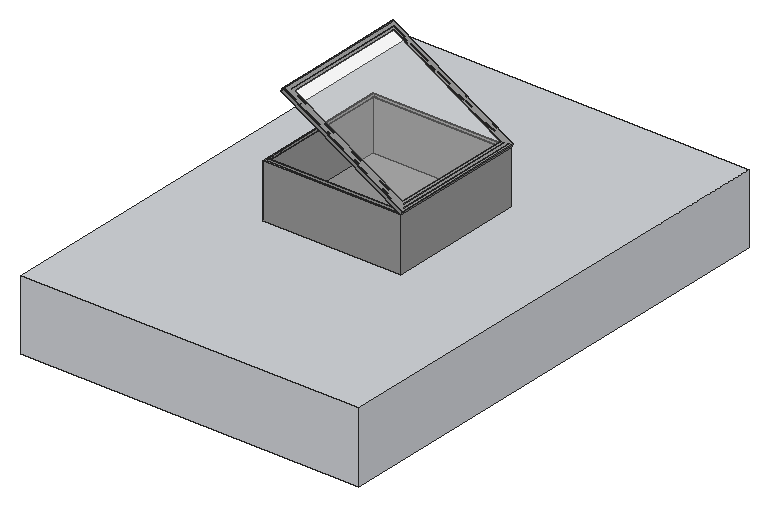
Revit family "Hager-Orion_Inox-IP66-D250-Cl.I-Inox_encl-630A-600mm-CH-it", category Equipement électrique, Revit 2020
Family settings
  Hôte = Face
  Configuration du panneau = Deux colonnes, circuits au sein
  Cote de connecteur circulaire = Utiliser le diamètre
  Type d'élément = Tableau de raccordement
  Couper avec des vides une fois chargée = Non
  Partagée = Non
  Point de calcul de pièce = Non
Parameters (values of type "A parete IP66 L600 A600 P250  - FL029TWL")
  Width Control [instance] = if([EF000008 - Larghezza] > Min Width, [EF000008 - Larghezza], Min Width)  # 600 mm
  Commentaires du type = [HG000003 - Gamma]  # "Orion Inox"
  Thickness Door [instance] = if([EF009171 - spessore materiale porta/coperchio] > 3 mm, 3 mm, [EF009171 - spessore materiale porta/coperchio])  # 1.5 mm
  Seal Frame Offset [instance] = 17 mm  # constant formula
  Model = ""
  Min Width [instance] = 100 mm  # constant formula
  Min Height [instance] = 100 mm  # constant formula
  Min Depth [instance] = (2 * [EF009170 - spessore materiale scatola]) + 1 mm  # 4 mm
  Internal Frame Depth [instance] = (Door System Depth * 0.5)  # 9 mm
  Height Control [instance] = if([EF000040 - Altezza] > Min Height, [EF000040 - Altezza], Min Height)  # 600 mm
  HG000027 - Altezza dello zoccolo = 0 mm
  HG000026 - A pavimento = no
  HG000024 - Altezza della sezione inferiore = 800 mm
  HG000023 - Custodia a doppia sezione = no
  HG000016 - Visibilità delle porte nella vista 3D [instance] = yes
  HG000015 - Visibilità attraverso la porta [instance] = no
  HG000014 - Porta destra [instance] = yes
  HG000013 - Porta sinistra [instance] = not([HG000014 - Porta destra])  # no
  HG000012 - Angolo di apertura della porta [instance] = 30.00°
  HG000010 - Porte asimmetriche = no
  HG000009 - Porta doppia a battente = no
  HG000006 - Ad incasso = no
  HG000004 - Codice produttore = "FL029TWL"
  HG000003 - Gamma = "Orion Inox"
  HG000002 - Con porta = yes
  Frame Offset Bottom [instance] = 10 mm  # constant formula
  Frame Offset [instance] = 15 mm  # constant formula
  EF015940 - Coprire con rilascio di sovrapressione = no
  EF011959 - tipo di protezione (NEMA) = ""
  EF009554 - numero delle aperture per la piastra della flangia = 0
  Fabricant = "Hager"  # constant formula
  EF009212 - esecuzione coperchio = "EV000116 - chiuso"
  EF009171 - spessore materiale porta/coperchio = 1.5 mm
  EF009170 - spessore materiale scatola = 1.5 mm
  EF008873 - corrente nominale (In) = 630 A
  EF007800 - adatto per parafulmine = no
  EF006306 - con serratura = yes
  EF006244 - coperchio/porta trasparente = yes
  EF005474 - grado di protezione (IP) = "EV006422 - IP66"
  EF004464 - tipo di porta = "EV002646 - singolo"
  EF004427 - numero di moduli = 0
  EF004293 - resistenza agli urti = "EV006814 - IK08"
  EF003532 - adatto per uso esterno = yes
  EF002950 - Numero moduli DIN = 0
  EF001613 - Integrità del circuito = "EV000494 - senza"
  EF001596 - Attacco Lampada = "EV000166 - acciaio inossidabile"
  EF001131 - profondità interna = 216 mm
  EF001088 - possibilità di applicazione = yes
  EF000437 - numero di ingressi per conduttori = 0
  EF000339 - tipo di copertura = "EV004216 - porta"
  EF000266 - numero di file = 0
  EF000218 - profondità di incasso = 0 mm
  EF000118 - con piastra di montaggio = no
  EF000116 - numero RAL = ""
  EF000049 - profondità = 250 mm
  EF000040 - Altezza = 600 mm
  EF000008 - Larghezza = 600 mm
  EF000007 - colore = "EV000154 - altri"
  EF000003 - Tipo di montaggio = "EV000384 - A parete"
  Door System Leaf Tolerance [instance] = 1.5 mm  # constant formula
  Door System Depth [instance] = 18 mm  # constant formula
  Depth Control [instance] = if([EF000049 - profondità] > Min Depth, [EF000049 - profondità], Min Depth)  # 250 mm
  Default Elevation = 0 mm
Types (4, lengths in mm): name | Width Control | HG000004 - Codice produttore | EF009212 - esecuzione coperchio | EF006306 - con serratura | EF006244 - coperchio/porta trasparente | EF004293 - resistenza agli urti | EF001613 - Integrità del circuito | EF000008 - Larghezza
  A parete IP66 L400 A600 P250  - FL029BW | 400 | "FL029BW" | "EV009916 - con taglio" | no | no | "EV008784 - IK10" | "" | 400
  A parete IP66 L600 A600 P250  - FL029BWL | 600 | "FL029BWL" | "EV009916 - con taglio" | no | no | "EV008784 - IK10" | "" | 600
  A parete IP66 L600 A600 P250  - FL029TW | 600 | "FL029TW" | "EV000116 - chiuso" | yes | yes | "EV006814 - IK08" | "EV000494 - senza" | 600
  A parete IP66 L600 A600 P250  - FL029TWL | 600 | "FL029TWL" | "EV000116 - chiuso" | yes | yes | "EV006814 - IK08" | "EV000494 - senza" | 600
Reference planes
  plane 1 "Center (Front/Back)": y = 0
  plane 2: z = 0
  plane 3 "Center (Left/Right)": x = 0
  plane 4: z = 250
  plane 5: y = 1.5
  plane 6: y = 300
  plane 7: y = 0
  plane 8: y = 600
  plane 9: z = 0
  plane 10: x = -285
  plane 11: x = 285
  plane 12: x = 283.5
  plane 13: x = -283.5
  plane 14: y = 598.5
  plane 15: x = -283
  plane 16: x = -300
  plane 17: x = 283
  plane 18: x = 300
  plane 19: x = 298.5
  plane 20: x = -298.5
  plane 21: y = 11.5
  plane 22: y = 600
  plane 23: y = 583.5
  plane 24: z = 232
  plane 25: z = 1.5
  plane 26: z = 230.5
  plane 27: z = 248.5
Forms (mm)
  Extrusion 1, solid
    sketch origin (0, 0, 0) x (1, 0, 0) y (0, 1, 0)
      loop
        line (-702.964, 1305) -> (-702.964, -811.445) -> (766.763, -811.445) -> (766.763, 1305) -> (-702.964, 1305)
    from 0 to -304.8
  Extrusion 2, solid, material "Hager_Stainless_Steel", detail levels medium+fine
    sketch origin (0, 0, 0) x (1, 0, 0) y (0, 1, 0)
      loop
        line (-300, 0) -> (300, 0) -> (300, 600) -> (-300, 600) -> (-300, 0)
    from 0 to 232
  Extrusion 3, solid, material "Hager_Steel_RAL 7035_Light_Grey", not visible, detail levels medium+fine
    sketch origin (0, 28.16, 50.802) x (0, 1, 0) y (0, 0, 1)
      loop
        line (323.34, -50.802) -> (323.34, 187.698)
        arc (323.34, 187.698) -> (320.411, 194.769) -> (313.34, 197.698) r 10
        line (313.34, 197.698) -> (283.34, 197.698) -> (283.34, -50.802) -> (323.34, -50.802)
    from -298.5 to 298.5
  Extrusion 4, void
    sketch origin (0, 0, 0) x (1, 0, 0) y (0, 1, 0)
      loop
        line (-298.5, 1.5) -> (298.5, 1.5) -> (298.5, 598.5) -> (-298.5, 598.5) -> (-298.5, 1.5)
    from 1.5 to 230.5
  Extrusion 5, void
    sketch origin (-381.607, -4572, 232) x (0, -1, 0) y (-1, 0, 0)
      loop
        line (-4583.5, -98.107) -> (-5155.5, -98.107) -> (-5155.5, -665.107) -> (-4583.5, -665.107) -> (-4583.5, -98.107)
    from 0 to 1.5 <- "EF009170 - spessore materiale scatola"
  Extrusion 6, solid, material "Hager_Stainless_Steel", detail levels fine
    sketch origin (-381.607, -4572, 232) x (-1, 0, 0) y (0, -1, 0)
      loop
        line (-98.107, -4583.5) -> (-665.107, -4583.5) -> (-665.107, -5155.5) -> (-98.107, -5155.5) -> (-98.107, -4583.5)
      loop
        line (-97.107, -4582) -> (-666.107, -4582) -> (-666.107, -5157) -> (-97.107, -5157) -> (-97.107, -4582)
    from 0 to 9 <- "Internal Frame Depth"
  Extrusion 7, solid, material "Hager_Stainless_Steel", detail levels coarse
    sketch origin (0, 0, 0) x (1, 0, 0) y (0, 1, 0)
      loop
        line (-300, 0) -> (300, 0) -> (300, 600) -> (-300, 600) -> (-300, 0)
    from 0 to 250
Cuts and joins
  Extrusion 4, Extrusion 5 cuts Extrusion 2
Lines and regions (mm)
  Masking region 1
    outline origin (0, 0, 0) x (1, 0, 0) y (0, 0, 1)
      loop
        line (-300, 250) -> (-300, 0) -> (300, 0) -> (300, 250) -> (-300, 250)
  Masking region 2, detail levels medium+fine
    outline origin (0, 140, 0) x (0, 1, 0) y (0, 0, 1)
      loop
        line (-140, 0) -> (460, 0) -> (460, 232) -> (-140, 232) -> (-140, 0)
  Masking region 3, not visible, detail levels medium+fine
    outline origin (0, 297.922, 0) x (0, 1, 0) y (0, 0, 1)
      loop
        line (13.578, 0) -> (53.578, 0) -> (53.578, 238.5)
        arc (53.578, 238.5) -> (50.649, 245.571) -> (43.578, 248.5) r 10
        line (43.578, 248.5) -> (13.578, 248.5) -> (13.578, 0)
  Masking region 4, detail levels coarse
    outline origin (0, 0, 180) x (0, 1, 0) y (0, 0, 1)
      loop
        line (0, -180) -> (600, -180) -> (600, 70) -> (0, 70) -> (0, -180)
  Masking region 5
    outline origin (-381.607, -4572, 232) x (-1, 0, 0) y (0, -1, 0)
      loop
        line (-81.607, -5172) -> (-81.607, -4572) -> (-681.607, -4572) -> (-681.607, -5172) -> (-81.607, -5172)
Dimensions and locks
  "Depth Control": plane 4 to Extrusion 1
  "EF009170 - spessore materiale scatola": plane 5 to plane 7
  locked: connector elem to plane 3 "Center (Left/Right)"
  equal spacing: plane 8, plane 6, plane 7
  locked: connector elem to plane 6
  "EF009170 - spessore materiale scatola": plane 8 to plane 14
  "EF009170 - spessore materiale scatola": plane 10 to plane 13
  "EF009170 - spessore materiale scatola": plane 12 to plane 11
  "Frame Offset": plane 20 to plane 13
  "Frame Offset": plane 12 to plane 19
  "EF009170 - spessore materiale scatola": plane 16 to plane 20
  "EF009170 - spessore materiale scatola": plane 19 to plane 18
  "Seal Frame Offset": plane 16 to plane 15
  "Seal Frame Offset": plane 17 to plane 18
  "Frame Offset Bottom": plane 21 to plane 5
  "Frame Offset": plane 14 to plane 23
  equal spacing: plane 16, plane 3 "Center (Left/Right)", plane 18
  "Width Control": plane 16 to plane 18
  "EF009170 - spessore materiale scatola": plane 4 to plane 27
  "EF009170 - spessore materiale scatola": plane 24 to plane 26
  "EF009170 - spessore materiale scatola": plane 25 to level
  "Door System Depth": plane 4 to plane 24
  "Height Control": plane 1 "Center (Front/Back)" to Extrusion 7 sketch curve
  "Height Control": Masking region 4 sketch curve to plane 1 "Center (Front/Back)"
  "Thickness Door": Extrusion 6 sketch curve to plane 15
  "Thickness Door": plane 21 to Extrusion 6 sketch curve
  "Thickness Door": plane 17 to Extrusion 6 sketch curve
  "Thickness Door": Extrusion 6 sketch curve to plane 23
  "Height Control": plane 1 "Center (Front/Back)" to plane 22
  radius of Masking region 3 sketch curve = 10 mm
  radius of Extrusion 3 sketch curve = 10 mm
  aligned and locked: plane 2 to Extrusion 1
  aligned and locked: level to Extrusion 1
  aligned and locked: level to Masking region 1 sketch curve
  aligned and locked: Masking region 1 sketch curve to plane 18
  aligned and locked: Masking region 1 sketch curve to plane 16
  aligned and locked: plane 7 to Masking region 2 sketch curve
  aligned and locked: level to Masking region 3 sketch curve
  aligned and locked: Masking region 3 sketch curve to plane 27
  aligned and locked: level to Masking region 2 sketch curve
  aligned and locked: Extrusion 2 sketch curve to plane 7
  aligned and locked: plane 16 to Extrusion 2 sketch curve
  aligned and locked: plane 18 to Extrusion 2 sketch curve
  aligned and locked: Extrusion 3 sketch curve to level
  aligned and locked: plane 27 to Extrusion 3 sketch curve
  aligned and locked: plane 20 to Extrusion 3
  aligned and locked: plane 19 to Extrusion 3
  aligned and locked: plane 20 to Extrusion 4 sketch curve
  aligned and locked: plane 19 to Extrusion 4 sketch curve
  aligned and locked: Extrusion 4 sketch curve to plane 5
  aligned and locked: Extrusion 4 to plane 25
  aligned and locked: plane 26 to Extrusion 4
  aligned and locked: plane 24 to Extrusion 2
  aligned and locked: Extrusion 5 sketch curve to plane 21
  aligned and locked: Extrusion 5 sketch curve to plane 13
  aligned and locked: Extrusion 5 sketch curve to plane 12
  aligned and locked: plane 18 to Extrusion 7 sketch curve
  aligned and locked: plane 1 "Center (Front/Back)" to Extrusion 7 sketch curve
  aligned and locked: plane 16 to Extrusion 7 sketch curve
  aligned and locked: plane 4 to Extrusion 7
  aligned and locked: Extrusion 7 to level
  aligned and locked: level to Masking region 4 sketch curve
  aligned and locked: Masking region 4 sketch curve to plane 1 "Center (Front/Back)"
  aligned and locked: Masking region 4 sketch curve to plane 4
  aligned and locked: nested 1 to level
  aligned and locked: nested 1 to plane 16
  aligned and locked: plane 8 to Extrusion 2 sketch curve
  aligned and locked: plane 23 to Extrusion 5 sketch curve
  aligned and locked: plane 14 to Extrusion 4 sketch curve
  aligned and locked: Extrusion 6 sketch curve to plane 21
  aligned and locked: plane 13 to Extrusion 6 sketch curve
  aligned and locked: plane 23 to Extrusion 6 sketch curve
  aligned and locked: plane 12 to Extrusion 6 sketch curve
  aligned and locked: Masking region 2 sketch curve to plane 8
  aligned and locked: Masking region 2 sketch curve to plane 24
  aligned and locked: nested 2 to plane 3 "Center (Left/Right)"
  aligned and locked: nested 2 to plane 24
  aligned and locked: Masking region 5 sketch curve to plane 1 "Center (Front/Back)"
  aligned and locked: Masking region 5 sketch curve to plane 18
  aligned and locked: Masking region 5 sketch curve to plane 22
  aligned and locked: Masking region 5 sketch curve to plane 16
  aligned and locked: plane 8 to plane 22
  aligned and locked: plane 7 to plane 1 "Center (Front/Back)"
  aligned and locked: nested 2 to plane 1 "Center (Front/Back)"
Automatic sketch dimensions
  Extrusion 1 sketch curve to Extrusion 1 sketch curve = 1469.727 mm
  Extrusion 1 sketch curve to Extrusion 1 sketch curve = 2116.445 mm
  plane 6 to Masking region 3 sketch curve = 11.5 mm
  Masking region 3 sketch curve to Masking region 3 sketch curve = 30 mm
  plane 6 to Extrusion 3 sketch curve = 11.5 mm
  Extrusion 3 sketch curve to Extrusion 3 sketch curve = 30 mm
  Masking region 1 sketch curve to plane 4 = 0 mm
Nested families
  nested 1: "Hager_Enclosure_Symbol" at (-300, 0, 0) x (1, 0, 0) z (0, -1, 0), Height <- "Depth Control", Width <- "Width Control", type "Hager_Enclosure_Symbol"
    with Width_Ctrl 600 mm, Width 600 mm, Height_Ctrl 250 mm, Height 250 mm, A_Width_Int 16.406 mm, A_Width 196.875 mm, A_Height_Ctrl 218.75 mm, A_Height 218.75 mm
  nested 2: "EC000058_OrionInox_Door" at (0, 600, 232) x (1, 0, 0) z (0, -1, 0), Leaf_Tolerance <- "Door System Leaf Tolerance", Angle <- "HG000012 - Angolo di apertura della porta", Door_Depth <- "Door System Depth", Door_Left <- "HG000013 - Porta sinistra", Transparent <- "EF006244 - coperchio/porta trasparente", Assymetrical <- "HG000010 - Porte asimmetriche", Width <- "Width Control", Clearance <- "HG000015 - Visibilità attraverso la porta", Double <- "HG000009 - Porta doppia a battente", 3d_Door <- "HG000016 - Visibilità delle porte nella vista 3D", Width_Ctrl <- "Width Control", Door_Right <- "HG000014 - Porta destra", Door <- "HG000002 - Con porta", Height <- "Height Control", Thickness <- "Thickness Door", type "EC000058_OrionInox_Door", detail levels medium+fine
    with min_wh 4 mm, Width_Ctrl 600 mm, Width 600 mm, Transparent yes, Thickness 1.5 mm, Seal_Material Hager_Rubber, Leaf_Width 600 mm, Leaf_Tolerance_External_Sides 0 mm, Leaf_Tolerance 1.5 mm, Leaf_Offset 0 mm, Leaf_Height 597 mm, Leaf_2_Width 600 mm, Leaf_2_Offset 300 mm, Leaf_1_Width 600 mm, Leaf_1_Offset 300 mm, Height_Ctrl 600 mm, Height 600 mm, Glass_Material Hager_Glass, Double_Clearance_Ctrl no, Double no, Door_Right_Ctrl yes, Door_Right yes, Door_Material Hager_Stainless_Steel, Door_Left_Ctrl no, Door_Left no, Door_Depth 18 mm, Door yes, Clearance_Material Hager_Clearance, Clearance_Depth 600 mm, Clearance_Ctrl no, Clearance no, Assymetrical no, Angle 30.00°, 3d_Door yes
Connectors
  electrical at (0, 300, 0)
    settings: on plane 9, index 1, voltage 0 V, apparent load 0 VA, apparent load phase1 0 VA, apparent load phase2 0 VA, apparent load phase3 0 VA, power factor 1, load classification "Other", number of poles 1, system type 30, power factor state 1, is connector primary yes, connector utility no, sub classification motor no, connector description ""
Definition of nested family "EC000058_OrionInox_Door"
  Parameters (values of type "EC000058_OrionInox_Door")
    min_wh [instance] = (2 * Thickness) + 1 mm  # 11 mm
    Width_Ctrl [instance] = 400 mm
    Width [instance] = 500 mm
    Transparent [instance] = yes
    Thickness [instance] = 5 mm
    Seal_Material [instance] = none
    Leaf_Width [instance] = if((Width_Ctrl - 2 * Leaf_Tolerance_External_Sides) > 0 mm, (Width_Ctrl - 2 * Leaf_Tolerance_External_Sides), min_wh)  # 400 mm
    Leaf_Tolerance_External_Sides [instance] = 0 mm  # constant formula
    Leaf_Tolerance [instance] = 1.5 mm
    Leaf_Offset [instance] = 0 mm  # constant formula
    Leaf_Height [instance] = if((Height_Ctrl - 2 * Leaf_Tolerance) > 0 mm, (Height_Ctrl - 2 * Leaf_Tolerance), min_wh)  # 497 mm
    Leaf_2_Width [instance] = if(and(and(Double, Assymetrical), Door_Left), (Leaf_Width / 3) - (Leaf_Tolerance / 2), if(and(and(Double, Assymetrical), Door_Right), (Leaf_Width / 3) * 2 - (Leaf_Tolerance / 2), if(and(Double, not(Assymetrical)), (Leaf_Width / 2) - Leaf_Tolerance, Leaf_Width)))  # 400 mm
    Leaf_2_Offset [instance] = if(and(Double, Assymetrical), Leaf_2_Width / 2, if(and(Double, not(Assymetrical)), Leaf_Width / 4, Leaf_Width / 2))  # 200 mm
    Leaf_1_Width [instance] = if(and(and(Double, Assymetrical), Door_Right), (Leaf_Width / 3) - (Leaf_Tolerance / 2), if(and(and(Double, Assymetrical), Door_Left), (Width / 3) * 2 - (Leaf_Tolerance / 2), if(and(Double, not(Assymetrical)), (Leaf_Width / 2) - Leaf_Tolerance, Leaf_Width)))  # 400 mm
    Leaf_1_Offset [instance] = if(and(Double, Assymetrical), Leaf_1_Width / 2, if(and(Double, not(Assymetrical)), Leaf_Width / 4, Leaf_Width / 2))  # 200 mm
    Height_Ctrl [instance] = if(Height > min_wh, Height, min_wh)  # 500 mm
    Height [instance] = 500 mm
    Glass_Material [instance] = none
    Double_Clearance_Ctrl [instance] = and(Double, Clearance)  # no
    Double [instance] = no
    Door_Right_Ctrl [instance] = and(or(Door_Right, Double), Door)  # yes
    Door_Right [instance] = yes
    Door_Material [instance] = none
    Door_Left_Ctrl [instance] = and(or(Door_Left, Double), Door)  # no
    Door_Left [instance] = no
    Door_Depth [instance] = 30 mm
    Door [instance] = yes
    Default Elevation = 1219.2 mm
    Clearance_Material [instance] = none
    Clearance_Depth [instance] = if(Leaf_1_Width > Leaf_2_Width, Leaf_1_Width, Leaf_2_Width)  # 400 mm
    Clearance_Ctrl [instance] = and(not(Double), Clearance)  # yes
    Clearance [instance] = yes
    Assymetrical [instance] = yes
    Angle [instance] = 30.00°
    3d_Door [instance] = yes
  Reference planes
    plane 1 "Center (Front/Back)": y = 0
    plane 2 "Bottom": z = 0
    plane 3 "Center (Left/Right)": x = 0
    plane 4: z = 500
    plane 5: x = -200
    plane 6: x = 200
    plane 7: z = 500
    plane 8: x = -200
    plane 9: z = 0
    plane 10: x = 200
    plane 11: y = 0
    plane 12: z = 1.5
    plane 13: x = -600
    plane 14: y = -400
    plane 15: x = 600
    plane 16: x = 0
    plane 17: x = 0
    plane 18: x = -200
    plane 19: x = 200
    plane 20: z = 498.5
  Forms (mm)
    Extrusion 1, solid, material <- "Clearance_Material", visible <- "Double_Clearance_Ctrl"
      sketch origin (1200, 0, 0) x (1, 0, 0) y (0, 0, -1)
        loop
          line (-1800, -498.5) -> (-600, -498.5) -> (-600, 0) -> (-1800, 0) -> (-1800, -498.5)
      from 0 to -400
  Dimensions and locks
    equal spacing: plane 5, plane 3 "Center (Left/Right)", plane 6
    "Width_Ctrl": plane 5 to plane 6
    "Leaf_Offset": plane 5 to plane 8
    "Leaf_Offset": plane 6 to plane 10
    "Leaf_Offset": plane 9 to level
    "Leaf_Offset": plane 4 to plane 7
    "Height_Ctrl": plane 4 to level
    "Leaf_Tolerance": plane 12 to plane 9
    locked: plane 11 to plane 1 "Center (Front/Back)"
    "Leaf_1_Offset": plane 18 to plane 16
    "Leaf_2_Offset": plane 17 to plane 19
    "Leaf_1_Width": plane 13 to plane 8
    "Leaf_2_Width": plane 10 to plane 15
    "Clearance_Depth": plane 14 to plane 1 "Center (Front/Back)"
    "Leaf_Tolerance_External_Sides": plane 8 to plane 18
    "Leaf_Tolerance_External_Sides": plane 19 to plane 10
    "Leaf_Tolerance": plane 7 to plane 20
    aligned and locked: level to plane 2 "Bottom"
    aligned and locked: nested 1 to plane 16
    aligned and locked: nested 2 to plane 17
    aligned and locked: Extrusion 1 to plane 13
    aligned and locked: plane 15 to Extrusion 1
    aligned and locked: Extrusion 1 to plane 14
    aligned and locked: plane 12 to nested 1
    aligned and locked: nested 2 to plane 12
    aligned and locked: Extrusion 1 to plane 11
    aligned and locked: plane 20 to Extrusion 1
    aligned and locked: nested 2 to plane 11
    aligned and locked: nested 1 to plane 11
  Automatic sketch dimensions
    Extrusion 1 sketch curve to level = 0 mm
    plane 5 to Extrusion 1 sketch curve = 400 mm
    plane 6 to Extrusion 1 sketch curve = 400 mm
    Extrusion 1 sketch curve to plane 4 = 1.5 mm
  Nested families
    nested 1: "EC000058_OrionInox_Door_Leaf" at (0, 0, 1.5), Width <- "Leaf_1_Width", visible <- "Door_Left_Ctrl", Leaf_Height <- "Leaf_Height", Angle <- "Angle", 3d_Door <- "3d_Door", Transparent <- "Transparent", Clearance Material <- "Clearance_Material", Clearance <- "Clearance_Ctrl", Door_Material <- "Door_Material", Glass_Material <- "Glass_Material", Door_Depth <- "Door_Depth", Seal_Material <- "Seal_Material", Thickness <- "Thickness", type "EC000058_OrionInox_Door_Leaf"
      with Width 400 mm, Transparent_Ctrl yes, Transparent yes, Thickness 5 mm, Standard no, Seal_Material none, Seal_D2 8 mm, Seal_D1 1 mm, Offset_Internal_Frame 10 mm, Lock_Width 28 mm, Lock_Thickness 2 mm, Lock_Radius 6 mm, Leaf_Height 497 mm, Internal_Seal_Thickness 8 mm, Internal_Seal_Depth_2 4.5 mm, Internal_Frame_Depth 25 mm, Glass_Thickness -1 mm, Glass_Offset -2 mm, Glass_Material none, Door_Material none, Door_Depth 30 mm, Clearance Material none, Clearance yes, Angle_Ctrl 30.00°, Angle 30.00°, 3d_Door yes
    nested 2: "EC000058_OrionInox_Door_Leaf" at (0, 0, 1.5) x (-1, 0, 0) z (0, 0, 1), Width <- "Leaf_2_Width", visible <- "Door_Right_Ctrl", Leaf_Height <- "Leaf_Height", Angle <- "Angle", 3d_Door <- "3d_Door", Transparent <- "Transparent", Clearance Material <- "Clearance_Material", Clearance <- "Clearance_Ctrl", Door_Material <- "Door_Material", Glass_Material <- "Glass_Material", Door_Depth <- "Door_Depth", Seal_Material <- "Seal_Material", Thickness <- "Thickness", type "EC000058_OrionInox_Door_Leaf"
      with Width 400 mm, Transparent_Ctrl yes, Transparent yes, Thickness 5 mm, Standard no, Seal_Material none, Seal_D2 8 mm, Seal_D1 1 mm, Offset_Internal_Frame 10 mm, Lock_Width 28 mm, Lock_Thickness 2 mm, Lock_Radius 6 mm, Leaf_Height 497 mm, Internal_Seal_Thickness 8 mm, Internal_Seal_Depth_2 4.5 mm, Internal_Frame_Depth 25 mm, Glass_Thickness -1 mm, Glass_Offset -2 mm, Glass_Material none, Door_Material none, Door_Depth 30 mm, Clearance Material none, Clearance yes, Angle_Ctrl 30.00°, Angle 30.00°, 3d_Door yes
  Definition of nested family "EC000058_OrionInox_Door_Leaf"
    Parameters (values of type "EC000058_OrionInox_Door_Leaf")
      Width [instance] = 450 mm
      Transparent_Ctrl [instance] = and(Transparent, [3d_Door])  # yes
      Transparent [instance] = yes
      Thickness [instance] = 5 mm
      Standard [instance] = and(not(Transparent), [3d_Door])  # no
      Seal_Material [instance] = none
      Seal_D2 [instance] = 8 mm  # constant formula
      Seal_D1 [instance] = 1 mm  # constant formula
      Offset_Internal_Frame [instance] = 10 mm  # constant formula
      Lock_Width [instance] = Door_Depth - Lock_Thickness  # 28 mm
      Lock_Thickness [instance] = 2 mm  # constant formula
      Lock_Radius [instance] = 6 mm  # constant formula
      Leaf_Height [instance] = 450 mm
      Internal_Seal_Thickness [instance] = 8 mm  # constant formula
      Internal_Seal_Depth_2 [instance] = 4.5 mm  # constant formula
      Internal_Frame_Depth [instance] = if(Door_Depth - Thickness > 5 mm, Door_Depth - Thickness, 5 mm)  # 25 mm
      Glass_Thickness [instance] = if(Thickness > 15 mm, Glass_Offset + 10 mm, -1 mm)  # -1 mm
      Glass_Offset [instance] = if(Thickness > 15 mm, -(Thickness + 10 mm) / 2, -2 mm)  # -2 mm
      Glass_Material [instance] = none
      Door_Material [instance] = none
      Door_Depth [instance] = 30 mm
      Default Elevation = 0 mm
      Clearance Material [instance] = none
      Clearance [instance] = yes
      Angle_Ctrl [instance] = if(Angle > 180.00°, 180.00°, Angle)  # 90.00°
      Angle [instance] = 90.00°
      3d_Door [instance] = yes
    Reference planes
      plane 1 "Center (Front/Back)": y = 0
      plane 2: z = 0
      plane 3 "Center (Left/Right)": x = 0
      plane 4: y = 450
      plane 5: x = -225
      plane 6: x = 225
      plane 7: x = -675
      plane 8: z = 450
      plane 9: z = 30
      plane 10: z = 420
      plane 11: x = 195
      plane 12: x = -195
      plane 13: y = -3
      plane 14: z = 107.833
      plane 15: y = -5
      plane 16: y = -223.314
      plane 17: x = -225
      plane 18: y = 30
    Forms (mm)
      Extrusion 1, solid, material <- "Clearance Material", visible <- "Clearance"
        sketch origin (0, 0, 0) x (1, 0, 0) y (0, 0, 1)
          loop
            line (-675, 450) -> (-675, 0) -> (225, 0) -> (225, 450) -> (-675, 450)
        from 0 to -450
      Extrusion 2, solid, material <- "Door_Material", visible <- "Standard", detail levels medium+fine
        sketch origin (-225, 0, 0) x (0, 1, 0) y (-1, 0, 0)
          loop
            line (0, 30) -> (0, 25) -> (450, 25) -> (450, 30) -> (0, 30)
        from 0 to 450 <- "Leaf_Height"
      Extrusion 3, solid, material <- "Door_Material", visible <- "Transparent_Ctrl", detail levels medium+fine
        sketch origin (-225, 0, 0) x (0, 1, 0) y (-1, 0, 0)
          loop
            line (0, 25) -> (450, 25) -> (450, 30) -> (0, 30) -> (0, 25)
        from 0 to 450 <- "Leaf_Height"
      Extrusion 4, void
        sketch origin (-250, 450, 0) x (0, 1, 0) y (0, 0, -1)
          loop
            line (-30, -420) -> (-30, -30) -> (-420, -30) -> (-420, -420) -> (-30, -420)
        from 0 to 5 <- "Thickness"
      Sweep 5, solid, material <- "Seal_Material", visible <- "Transparent_Ctrl", detail levels fine
        path in 3D
          loop
            line (-250, 30, 30) -> (-250, 30, 420) -> (-250, 420, 420) -> (-250, 420, 30) -> (-250, 30, 30)
        profile origin (-250, 225, 30) x (1, 0, 0) y (0, 0, 1)
          loop
            line (0, 0) -> (0, -8) -> (1, -8) -> (1, 0) -> (0, 0)
      Extrusion 6, solid, material <- "Glass_Material", visible <- "Transparent_Ctrl", detail levels medium+fine
        sketch origin (-255, 0, 0) x (0, 1, 0) y (0, 0, -1)
          loop
            line (420, -420) -> (420, -30) -> (30, -30) -> (30, -420) -> (420, -420)
        from -2 <- "Glass_Offset" to -1 <- "Glass_Thickness"
      Extrusion 7, solid, material <- "Door_Material", visible <- "3d_Door", detail levels medium+fine
        sketch origin (-250, 450, 0) x (0, -1, 0) y (0, 0, -1)
          loop
            line (0, -450) -> (450, -450) -> (450, 0) -> (0, 0) -> (0, -450)
          loop
            line (445, -5) -> (5, -5) -> (5, -445) -> (445, -445) -> (445, -5)
        from 0 to 25 <- "Internal_Frame_Depth"
      Sweep 8, solid, material <- "Seal_Material", visible <- "Transparent_Ctrl", detail levels fine
        path in 3D
          loop
            line (-250, 0, 0) -> (-250, 450, 0) -> (-250, 450, 450) -> (-250, 0, 450) -> (-250, 0, 0)
        profile origin (-250, 0, 225) x (1, 0, 0) y (0, 1, 0)
          loop
            line (0, 10) -> (2.975, 10)
            arc (2.975, 10) -> (4.053, 10.447) -> (4.5, 11.525) r 1.525
            line (4.5, 11.525) -> (4.5, 16.527)
            arc (4.5, 16.527) -> (4.069, 17.569) -> (3.027, 18) r 1.473
            line (3.027, 18) -> (0, 18) -> (0, 10)
    Cuts and joins
      Extrusion 4 cuts Extrusion 3
    Lines and regions (mm)
      Masking region 1, detail levels medium+fine
        outline origin (0, 0, 0) x (0, 1, 0) y (0, 0, 1)
          loop
            line (0, 0) -> (30, 0) -> (30, 450) -> (0, 450) -> (0, 0)
      Masking region 2, detail levels medium+fine
        outline origin (0, 0, 0) x (1, 0, 0) y (0, 0, 1)
          loop
            line (-225, 450) -> (-225, 0) -> (225, 0) -> (225, 450) -> (-225, 450)
      symbolic lines
        curve 1: line (225, 0, 0) -> (-675, 0, 0)
        curve 2: arc (225, 0, 0) -> (-225, 450, 0) -> (-675, 0, 0) r 450
        curve 4: line (-255, 0, 0) -> (-255, 450, 0)
      reference lines
        curve 3: line (-225, 0, 0) -> (-225, 450, 0)
      symbolic lines, detail levels medium+fine
        curve 5: line (-255, 450, 0) -> (-250, 450, 0)
        curve 7: line (-250, 0, 0) -> (-255, 0, 0)
        curve 8: line (-250, 0, 0) -> (-225, 0, 0)
        curve 9: line (-225, 0, 0) -> (-225, 450, 0)
        curve 10: line (-225, 450, 0) -> (-250, 450, 0)
      symbolic lines, detail levels fine
        curve 6: line (-250, 450, 0) -> (-250, 0, 0)
      sketch lines
        curve 11: line (-250, 0, 450) -> (-250, 0, 0)
        curve 12: line (-250, 450, 0) -> (-250, 0, 0)
        curve 13: line (-250, 450, 450) -> (-250, 450, 0)
        curve 14: line (-250, 0, 450) -> (-250, 450, 450)
        curve 15: line (-250, 420, 30) -> (-250, 30, 30)
        curve 16: line (-250, 30, 30) -> (-250, 30, 420)
        curve 17: line (-250, 420, 420) -> (-250, 420, 30)
        curve 18: line (-250, 30, 420) -> (-250, 420, 420)
      symbolic lines, visible <- "Transparent", detail levels medium+fine
        curve 19: line (-195, 0, 420) -> (195, 0, 420)
        curve 20: line (-195, 0, 30) -> (-195, 0, 420)
        curve 21: line (195, 0, 30) -> (-195, 0, 30)
        curve 22: line (195, 0, 420) -> (195, 0, 30)
    Dimensions and locks
      "Width": plane 1 "Center (Front/Back)" to plane 4
      equal spacing: plane 5, plane 3 "Center (Left/Right)", plane 6
      "Width": plane 5 to plane 6
      "Width": plane 7 to plane 5
      "Leaf_Height": plane 8 to level
      "Width": curve 5 to curve 3
      "Width": curve 3 to curve 3
      plane 8 to plane 10 = 30 mm
      plane 9 to level = 30 mm
      plane 12 to plane 5 = 30 mm
      plane 6 to plane 11 = 30 mm
      Extrusion 4 sketch curve to Extrusion 3 = 30 mm
      Extrusion 3 to Extrusion 4 sketch curve = 30 mm
      Extrusion 1 to Extrusion 4 sketch curve = 30 mm
      curve 3 to Extrusion 4 sketch curve = 30 mm
      Extrusion 4 sketch curve to cut or joined group of Extrusion 3, Extrusion 4 = 30 mm
      cut or joined group of Extrusion 3, Extrusion 4 to Extrusion 6 sketch curve = 30 mm
      cut or joined group of Extrusion 3, Extrusion 4 to Extrusion 4 sketch curve = 30 mm
      "Thickness": curve 6 to curve 4
      "Thickness": Extrusion 7 sketch curve to Extrusion 7 sketch curve  (x4)
      "Door_Depth": curve 4 to curve 3
      "Offset_Internal_Frame": profile plane to Sweep 8 sketch curve
      "Internal_Seal_Thickness": Sweep 8 sketch curve to Sweep 8 sketch curve
      "Internal_Seal_Depth_2": profile plane to Sweep 8 sketch curve
      "Seal_D1": profile plane to Sweep 5 sketch curve
      "Seal_D2": profile plane to Sweep 5 sketch curve
      "Thickness": Extrusion 2 sketch curve to Extrusion 2 sketch curve
      "Door_Depth": plane 18 to plane 1 "Center (Front/Back)"
      radius of Sweep 8 sketch curve = 1.525 mm
      radius of Sweep 8 sketch curve = 1.473 mm
      "Angle_Ctrl": angle plane 1 "Center (Front/Back)" to curve 3
      aligned and locked: level to plane 2
      aligned and locked: Extrusion 1 to curve 1
      aligned and locked: plane 6 to Extrusion 1
      aligned and locked: plane 1 "Center (Front/Back)" to Extrusion 1
      aligned and locked: plane 4 to Extrusion 1
      aligned and locked: plane 8 to Extrusion 1
      aligned and locked: curve 7 to Extrusion 2 sketch curve
      aligned and locked: curve 5 to Extrusion 2 sketch curve
      aligned and locked: curve 7 to Extrusion 3 sketch curve
      aligned and locked: Extrusion 3 sketch curve to curve 4
      aligned and locked: Extrusion 3 sketch curve to curve 6
      aligned and locked: Extrusion 3 sketch curve to curve 5
      aligned and locked: curve 9 to curve 3
      aligned and locked: Extrusion 7 sketch curve to cut or joined group of Extrusion 3, Extrusion 4  (x4)
      aligned and locked: plane 17 to curve 3
      aligned and locked: plane 1 "Center (Front/Back)" to curve 3
      aligned and locked: plane 17 to plane 5
      aligned and locked: Sweep 8 sketch curve to profile plane
      aligned and locked: Sweep 5 sketch curve to profile plane  (x2)
      aligned and locked: plane 1 "Center (Front/Back)" to Masking region 1 sketch curve
      aligned and locked: plane 18 to Masking region 1 sketch curve
      aligned and locked: level to Masking region 1 sketch curve
      aligned and locked: Masking region 1 sketch curve to plane 8
      aligned and locked: plane 17 to Masking region 2 sketch curve
      aligned and locked: level to Masking region 2 sketch curve
      aligned and locked: Masking region 2 sketch curve to plane 8
      aligned and locked: plane 12 to curve 20
      aligned and locked: plane 10 to curve 19
      aligned and locked: plane 11 to curve 22
      aligned and locked: plane 9 to curve 21
      aligned and locked: Extrusion 2 sketch curve to cut or joined group of Extrusion 3, Extrusion 4
    Automatic sketch dimensions
      plane 1 "Center (Front/Back)" to curve 2 = 0 mm
      curve 2 to plane 5 = 0 mm
      Extrusion 1 sketch curve to level = 0 mm
      Extrusion 1 sketch curve to plane 7 = 0 mm
      Extrusion 1 sketch curve to plane 6 = 0 mm
      Extrusion 1 sketch curve to plane 8 = 0 mm
      Extrusion 3 to Extrusion 6 sketch curve = 30 mm  (x4)
      Masking region 2 sketch curve to plane 6 = 0 mm
      curve 4 to curve 3 = 0 mm
Definition of nested family "Hager_Enclosure_Symbol"
  Parameters (values of type "Hager_Enclosure_Symbol")
    Width_Ctrl [instance] = if(Width > 1 mm, Width, 1 mm)  # 102.27 mm
    Width [instance] = 102.27 mm
    Height_Ctrl [instance] = if(Height > 1 mm, Height, 1 mm)  # 66.5 mm
    A_Width_Int [instance] = if(A_Width / 12 > 2 mm, A_Width / 12, 2 mm)  # 4.364 mm
    A_Width [instance] = if(A_Height_Ctrl * 0.9 > 2 mm, A_Height_Ctrl * 0.9, 2 mm)  # 52.369 mm
    A_Height_Ctrl [instance] = if(A_Height > 2 mm, A_Height, 2 mm)  # 58.188 mm
    Height [instance] = 66.5 mm
    A_Height [instance] = Height - (Height / 8)  # 58.188 mm
  Reference planes
    plane 1 "Centre (avant/arrière)": y = 0
    plane 2: z = 0
    plane 3 "Centre (gauche/droite)": x = 0
    plane 4: x = 52.369
    plane 5: y = 33.042
    plane 6: y = 41.77
    plane 7: y = 66.5
    plane 8: x = 26.184
    plane 9: y = 37.406
    plane 10: x = 102.27
    plane 11: y = 66.5
    plane 12: y = 8.313
  Lines and regions (mm)
    Filled region 1, type "Solid_Black", in view "Niveau de réf."
      outline origin (0, 0, 0) x (1, 0, 0) y (0, 1, 0)
        loop
          line (52.369, 66.5) -> (33.188, 54.536) -> (45.365, 45.006) -> (52.369, 66.5)
    Filled region 2, type "Solid_Black", in view "Niveau de réf."
      outline origin (0, 0, 0) x (1, 0, 0) y (0, 1, 0)
        loop
          line (0, 0) -> (102.27, 0) -> (102.27, 66.5) -> (0, 0)
    detail lines, in view "Niveau de réf."
      curve 1: line (0, 8.313, 0) -> (26.184, 41.77, 0)
      curve 2: line (26.184, 41.77, 0) -> (26.184, 33.042, 0)
      curve 3: line (26.184, 33.042, 0) -> (52.369, 66.5, 0)
  Dimensions and locks
    "A_Width": plane 3 "Centre (gauche/droite)" to plane 4
    equal spacing: plane 3 "Centre (gauche/droite)", plane 8, plane 4
    equal spacing: plane 6, plane 9, plane 5
    equal spacing: curve 3, Filled region 1 sketch curve, Filled region 1 sketch curve
    "Height_Ctrl": plane 1 "Centre (avant/arrière)" to plane 11
    "A_Height_Ctrl": plane 11 to plane 12
    equal spacing: plane 11, plane 9, plane 12
    "A_Width_Int": plane 6 to plane 9
    "Width_Ctrl": plane 3 "Centre (gauche/droite)" to plane 10
    angle Filled region 1 sketch curve to curve 3 = 20.00°
    angle curve 3 to Filled region 1 sketch curve = 20.00°
    locked: curve 3 to Filled region 1 sketch curve (angle 90.00°)
    aligned and locked: plane 10 to Filled region 2
    aligned and locked: plane 11 to Filled region 2 sketch curve
    aligned and locked: plane 10 to Filled region 2 sketch curve
    aligned and locked: plane 3 "Centre (gauche/droite)" to curve 1
    aligned and locked: plane 12 to curve 1
    aligned and locked: plane 7 to plane 11
  Automatic sketch dimensions
    Filled region 1 sketch curve to plane 4 = 0 mm
    Filled region 1 sketch curve to plane 7 = 0 mm
    plane 1 "Centre (avant/arrière)" to Filled region 2 sketch curve = 0 mm
    Filled region 2 sketch curve to plane 3 "Centre (gauche/droite)" = 0 mm
    curve 2 to plane 6 = 0 mm
    curve 2 to plane 8 = 0 mm
    curve 3 to plane 4 = 0 mm
    curve 2 to plane 5 = 0 mm
    curve 3 to plane 7 = 0 mm
